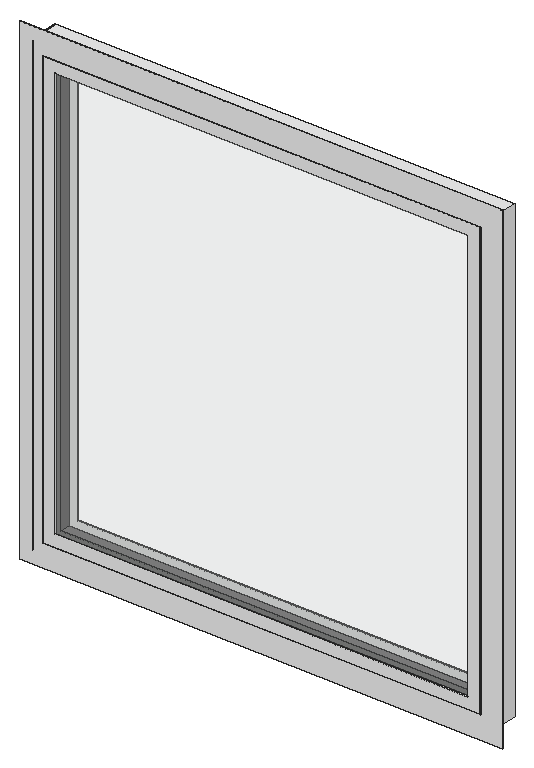
Revit family "Casement_30.5_E_Top_Hung_Standard", category Windows, host Wall, Revit 2014
Parameters (values of type "Casement_Sash_DG")
  Width Sash [instance] = 30 mm
  Width Sash Inner = 15 mm
  Width Bead = 15 mm
  Top Hung [instance] = yes
  Side Hung Right [instance] = yes
  Side Hung Left [instance] = yes
  Sash Opening Width [instance] = 600 mm
  Sash Opening Height [instance] = 600.312 mm
  Sash Lip = 15 mm
  Glazing Material [instance] = Glass
  DG Start Piece 2 [instance] = DG End Piece 1 + DG Gasket Thickness  # 25 mm
  DG Start Peice 1 [instance] = (Depth Sash - (2 * DG Glazing Thickness) - DG Gasket Thickness) / 2  # 6.6 mm
  Glazing Offset = 5 mm
  DG Glazing Thickness [instance] = 6.4 mm
  DG Gasket Thickness = 12 mm  # constant formula
  DG Gasket Material [instance] = Double Glazing Gasket Material
  DG End Piece 2 [instance] = DG Start Piece 2 + DG Glazing Thickness  # 31.4 mm
  DG End Piece 1 [instance] = DG Start Peice 1 + DG Glazing Thickness  # 13 mm
  Depth Sash [instance] = 38 mm
  Center Vertical Sash [instance] = Sash Opening Height / 2  # 300.156 mm
  Center Horizontal Sash [instance] = Sash Opening Width / 2  # 300 mm
  Bottom Hung [instance] = yes
  Bead Offset = 15 mm
  Aluminium Thickness = 1 mm
  Aluminium Material [instance] = White Powder Coated Aluminium
Reference planes
  plane 1 "Center (Front/Back)": y = 0
  plane 2: z = 0
  plane 3 "Center (Left/Right)": x = 0
Forms (mm)
  Sweep 1, solid, material "White Powder Coated Aluminium" <- "Aluminium Material"
    path origin (16.177, 0, 121.331) x (1, 0, 0) y (0, 0, 1)
      loop
        line (0, 0) -> (600, 0) -> (600, 600.312) -> (0, 600.312) -> (0, 0)
    profile origin (316.177, 0, 121.331) x (0, 0, 1) y (0, -1, 0)
      loop
        line (0, 0) -> (30, 0) -> (30, 1) -> (15, 1) -> (15, 38) -> (-15, 38) -> (-15, 37) -> (0, 37) -> (0, 0)
      loop
        line (14, 1) -> (14, 37) -> (1, 37) -> (1, 1) -> (14, 1)
  Sweep 2, solid, material "White Powder Coated Aluminium" <- "Aluminium Material"
    path origin (0, 0, 0) x (1, 0, 0) y (0, 0, 1)
      loop
        line (31.177, 706.643) -> (31.177, 136.331) -> (601.177, 136.331) -> (601.177, 706.643) -> (31.177, 706.643)
    profile origin (316.177, 0, 706.643) x (0, 0, 1) y (0, -1, 0)
      loop
        line (0, 37) -> (0, 38) -> (-15, 38) -> (-15, 37) -> (0, 37)
  Extrusion 3, solid, material "Glass" <- "Glazing Material"
    sketch origin (0, 0, 0) x (1, 0, 0) y (0, 0, 1)
      loop
        line (36.177, 701.643) -> (36.177, 141.331) -> (596.177, 141.331) -> (596.177, 701.643) -> (36.177, 701.643)
    from 6.6 <- "DG Start Peice 1" to 13 <- "DG End Piece 1"
  Extrusion 4, solid, material "Glass" <- "Glazing Material"
    sketch origin (0, 0, 0) x (1, 0, 0) y (0, 0, 1)
      loop
        line (36.177, 701.643) -> (36.177, 141.331) -> (596.177, 141.331) -> (596.177, 701.643) -> (36.177, 701.643)
    from 31.4 <- "DG End Piece 2" to 25 <- "DG Start Piece 2"
  Sweep 5, solid, material "Double Glazing Gasket Material" <- "DG Gasket Material"
    path origin (0, -13, 0) x (1, 0, 0) y (0, 0, 1)
      loop
        line (36.177, 701.643) -> (36.177, 141.331) -> (596.177, 141.331) -> (596.177, 701.643) -> (36.177, 701.643)
    profile origin (316.177, -13, 701.643) x (0, 0, 1) y (0, -1, 0)
      loop
        line (0, 0) -> (0, 12) -> (-7.96, 12) -> (-7.96, 0) -> (0, 0)
Lines and regions (mm)
  model lines
    curve 1: line (1.177, -38, 736.643) -> (31.177, -38, 706.643)
    curve 2: line (601.177, -38, 706.643) -> (631.177, -38, 736.643)
    curve 3: line (601.177, -38, 136.331) -> (631.177, -38, 106.331)
    curve 4: line (1.177, -38, 106.331) -> (31.177, -38, 136.331)
    curve 5: line (631.177, -37, 736.643) -> (616.177, -37, 721.643)
    curve 6: line (1.177, -37, 736.643) -> (16.177, -37, 721.643)
    curve 7: line (1.177, -37, 106.331) -> (16.177, -37, 121.331)
    curve 8: line (631.177, -37, 106.331) -> (616.177, -37, 121.331)
    curve 9: line (616.177, 0, 121.331) -> (586.177, 0, 151.331)
    curve 10: line (46.177, 0, 151.331) -> (16.177, 0, 121.331)
    curve 11: line (616.177, 0, 721.643) -> (586.177, 0, 691.643)
    curve 12: line (46.177, 0, 691.643) -> (16.177, 0, 721.643)
    curve 13: line (31.177, -38, 691.643) -> (46.177, -38, 691.643)
    curve 14: line (586.177, -38, 691.643) -> (601.177, -38, 691.643)
    curve 15: line (586.177, -38, 151.331) -> (601.177, -38, 151.331)
    curve 16: line (31.177, -38, 151.331) -> (46.177, -38, 151.331)
  model lines, style "GenericModelHiddenLines", visible <- "Top Hung"
    curve 17: line (46.386, -31.4, 690.914) -> (316.177, -31.4, 151.331)
    curve 18: line (316.177, -31.4, 151.331) -> (586.177, -31.4, 691.331)
  model lines, style "GenericModelHiddenLines", visible <- "Bottom Hung"
    curve 19: line (46.177, -31.4, 151.331) -> (316.177, -31.4, 691.331)
    curve 20: line (316.177, -31.4, 691.331) -> (586.177, -31.4, 151.331)
  model lines, style "GenericModelHiddenLines", visible <- "Side Hung Left"
    curve 21: line (46.386, -31.4, 690.914) -> (585.24, -31.4, 421.487)
    curve 22: line (585.24, -31.4, 421.487) -> (46.177, -31.4, 151.331)
  model lines, style "GenericModelHiddenLines", visible <- "Side Hung Right"
    curve 23: line (586.177, -31.4, 691.331) -> (46.177, -31.4, 421.487)
    curve 24: line (46.177, -31.4, 421.487) -> (586.177, -31.4, 151.331)
Dimensions and locks
  "Aluminium Thickness": Sweep 1 sketch curve to Sweep 1 sketch curve  (x4)
  "Depth Sash": Sweep 1 sketch curve to Sweep 1 sketch curve
  "Sash Opening Width": Sweep 1 to Sweep 1
  "Sash Opening Height": Sweep 1 to Sweep 1
  "Width Sash": Sweep 1 sketch curve to Sweep 1 sketch curve  (x2)
  "Width Sash Inner": Sweep 1 sketch curve to Sweep 1 sketch curve
  "Sash Lip": Sweep 1 sketch curve to Sweep 1 sketch curve
  "Aluminium Thickness": Sweep 1 to Sweep 2 sketch curve
  "Glazing Offset": Sweep 2 to Extrusion 3 sketch curve  (x3)
  "Glazing Offset": Extrusion 3 sketch curve to Sweep 2
  Sweep 1 to Sweep 1 = 1 mm
  "Aluminium Thickness": Sweep 2 sketch curve to Sweep 2 sketch curve
  "Width Bead": Sweep 2 sketch curve to Sweep 2 sketch curve
  locked: Sweep 5 sketch curve to Sweep 5 sketch curve at 7.96
  "Center Horizontal Sash": Sweep 1 to curve 18
  "Center Horizontal Sash": Sweep 1 to curve 20
  "Center Vertical Sash": Sweep 1 to curve 22
  "Center Vertical Sash": Sweep 1 to curve 24
  aligned and locked: level to plane 2
  aligned and locked: Sweep 1 sketch curve to Sweep 1 sketch curve  (x2)
  aligned and locked: Sweep 2 sketch curve to Sweep 1  (x5)
  aligned and locked: Extrusion 4 sketch curve to Extrusion 3  (x4)
  aligned and locked: Sweep 5 sketch curve to Extrusion 3  (x5)
  aligned and locked: Extrusion 3 to Sweep 5 sketch curve
Automatic sketch dimensions
  plane 3 "Center (Left/Right)" to Sweep 1 sketch curve = 16.177 mm
  level to Sweep 1 sketch curve = 121.331 mm
  plane 3 "Center (Left/Right)" to Sweep 1 sketch curve = 616.177 mm
  level to Sweep 1 sketch curve = 721.643 mm
  profile plane to Sweep 5 sketch curve = 12 mm
  curve 7 to Sweep 1 = 0 mm  (x4)
  curve 6 to Sweep 1 = 0 mm  (x3)
  Sweep 1 to curve 6 = 0 mm
  curve 5 to Sweep 1 = 0 mm  (x3)
  curve 8 to Sweep 1 = 0 mm  (x4)
  Sweep 1 to curve 5 = 0 mm
  curve 16 to Sweep 2 = 0 mm  (x3)
  curve 13 to Sweep 2 = 0 mm  (x3)
  curve 15 to Sweep 2 = 0 mm
  Sweep 2 to curve 15 = 0 mm  (x2)
  curve 14 to Sweep 2 = 0 mm  (x2)
  Sweep 2 to curve 14 = 0 mm
  curve 1 to Sweep 1 = 0 mm  (x4)
  curve 4 to Sweep 1 = 0 mm  (x3)
  Sweep 1 to curve 4 = 0 mm
  curve 3 to Sweep 1 = 0 mm  (x3)
  curve 2 to Sweep 1 = 0 mm  (x4)
  Sweep 1 to curve 3 = 0 mm
  curve 10 to Sweep 1 = 0 mm  (x4)
  curve 12 to Sweep 1 = 0 mm  (x3)
  Sweep 1 to curve 12 = 0 mm
  curve 9 to Sweep 1 = 0 mm  (x4)
  curve 11 to Sweep 1 = 0 mm  (x3)
  Sweep 1 to curve 11 = 0 mm
  Sweep 1 sketch curve to plane 1 "Center (Front/Back)" = 0 mm
  profile plane to Sweep 1 sketch curve = 0 mm
  curve 21 to Extrusion 4 = 10.208 mm
  curve 19 to Extrusion 4 = 10 mm
  curve 23 to Extrusion 4 = 10 mm  (x2)
  curve 22 to Extrusion 4 = 10.937 mm
  curve 20 to Extrusion 4 = 10 mm
  curve 24 to Extrusion 4 = 10 mm
  curve 22 to Extrusion 4 = 10 mm
  curve 18 to Extrusion 4 = 10 mm
  curve 21 to Extrusion 4 = 10.729 mm
  curve 19 to Extrusion 4 = 10.312 mm
  curve 18 to Extrusion 4 = 10.312 mm
Types in the file's own list only (6): name | Windload Design | Width Sash Opening | Width Sash | Width Profile | Width Fixed Pane RHS | Width Fixed Pane Bottom LHS | Width Panel 1 | Width | URL | Offset Window Exterior | Max System DG Unit Thickness | Max System DG One Piece Thickness | Max Pane Area | Limit Fixed Pane Width Min | Limit Fixed Pane Width Max | Limit Fixed Pane Height Min | Limit Fixed Pane Height Max | Intruderprufe U Value | Intruderprufe SHGC Value | Intruderprufe LowE U Value | Intruderprufe LowE SHGC Value | Height | Energy Advantage U Value | Energy Advantage SHGC Value | DG Thickness Calc | DG Thickness | Custom Window Width | Custom Window Height | Window Exterior Offset | Custom Windload | Custom Sash Width | Custom Sash Height | Sash Spacing Inner | Sash Overlap | Sash Center Offset | SG Gasket Thickness | Offset Sash Left | Offset Sash Top | Offset Panel 4 Left | Offset Panel 3 Bead Top | Offset Mullion Left | Offset Transom Top | Offset Bead SG Center Reversed | Model | Manufacturer | Limit Window Width Min | Limit Window Width Max | Limit Window Height Min | Limit Window Height Max | Limit Sash Width Min | Limit Sash Width Max | Limit Sash Height Min | Limit Sash Height Max | Length Transom | Length Mullion | Height Sash Opening | Height Sash | Height Fixed Pane RHS | Height Fixed Pane Bottom LHS | Height Panel 1 | Double Glazing | Description | Depth Mullion | Frame Center Offset | Depth Bead | Default Sill Height | Wall Closure | DG Gasket Finish | DG Extrusion Start | Mullion Depth Windload Based | Clearvue U Value | Clearvue SHGC Value | Casement Dimension | Bottom Hung | Bead SG Gap | Area Pane Right | Area Pane Left Top | Area Pane Left Bottom
  305-1209T-1000Pa | 1000 mm | 554 mm | 524 mm | 30 mm | 560 mm | 540 mm | 540 mm | 1190 mm | "http://www.crealco.co.za/crealco-products.php" | 15 mm | 18 mm | 3 mm | 0.45 m² | 200 mm | 1500 mm | 200 mm | 1800 mm | 7.28 | 0.679 | 5.54 | 0.603 | 890 mm | 5.68 | 0.637 | 3 mm | 3 mm | 1190 mm | 890 mm | 0 mm | 1000 mm | 554 mm | 554 mm | 8 mm | 7 mm | 12 mm | 6 mm | 23 mm | 23 mm | 600 mm | 600 mm | 570 mm | 570 mm | 15 mm | "Casement 30.5" | "Crealco" | 830 mm | 2130 mm | 830 mm | 1860 mm | 300 mm | 1000 mm | 300 mm | 750 mm | 540 mm | 890 mm | 554 mm | 524 mm | 830 mm | 260 mm | 539 mm | No | "Window 30.5mm, Type E top hung" | 32 mm | 15 mm | 17 mm | 800 mm | By host | Double Glazing Gasket Material | 5 mm | 32 mm | 7.45 | 0.711 | 31 mm | No | 13 mm | 0.45 m² | 0.23 m² | 0.13 m²
  305-1509T-1000Pa | 1000 mm | 554 mm | 524 mm | 30 mm | 860 mm | 540 mm | 540 mm | 1490 mm | "http://www.crealco.co.za/crealco-products.php" | 15 mm | 18 mm | 3 mm | 0.70 m² | 200 mm | 1500 mm | 200 mm | 1800 mm | 7.53 | 0.747 | 5.61 | 0.661 | 890 mm | 5.75 | 0.701 | 3 mm | 3 mm | 1490 mm | 890 mm | 0 mm | 1000 mm | 554 mm | 554 mm | 8 mm | 7 mm | 12 mm | 6 mm | 23 mm | 23 mm | 600 mm | 600 mm | 570 mm | 570 mm | 15 mm | "Casement 30.5" | "Crealco" | 830 mm | 2130 mm | 830 mm | 1860 mm | 300 mm | 1000 mm | 300 mm | 750 mm | 540 mm | 890 mm | 554 mm | 524 mm | 830 mm | 260 mm | 539 mm | No | "Window 30.5mm, Type E top hung" | 32 mm | 15 mm | 17 mm | 800 mm | By host | Double Glazing Gasket Material | 5 mm | 32 mm | 7.7 | 0.783 | 31 mm | No | 13 mm | 0.70 m² | 0.23 m² | 0.13 m²
  305-1209T-1500Pa | 1500 mm | 554 mm | 524 mm | 30 mm | 560 mm | 540 mm | 540 mm | 1190 mm | "http://www.crealco.co.za/crealco-products.php" | 15 mm | 18 mm | 3 mm | 0.45 m² | 200 mm | 1500 mm | 200 mm | 1800 mm | 7.28 | 0.679 | 5.54 | 0.603 | 890 mm | 5.68 | 0.637 | 3 mm | 3 mm | 1190 mm | 890 mm | 0 mm | 1500 mm | 554 mm | 554 mm | 8 mm | 7 mm | 12 mm | 6 mm | 23 mm | 23 mm | 600 mm | 600 mm | 570 mm | 570 mm | 15 mm | "Casement 30.5" | "Crealco" | 830 mm | 2130 mm | 830 mm | 1860 mm | 300 mm | 1000 mm | 300 mm | 750 mm | 540 mm | 890 mm | 554 mm | 524 mm | 830 mm | 260 mm | 539 mm | No | "Window 30.5mm, Type E top hung" | 32 mm | 15 mm | 17 mm | 800 mm | By host | Double Glazing Gasket Material | 5 mm | 32 mm | 7.45 | 0.711 | 31 mm | No | 13 mm | 0.45 m² | 0.23 m² | 0.13 m²
  305-1209T-2000Pa | 2000 mm | 554 mm | 524 mm | 30 mm | 560 mm | 540 mm | 540 mm | 1190 mm | "http://www.crealco.co.za/crealco-products.php" | 15 mm | 18 mm | 3 mm | 0.45 m² | 200 mm | 1500 mm | 200 mm | 1800 mm | 7.28 | 0.679 | 5.54 | 0.603 | 890 mm | 5.68 | 0.637 | 3 mm | 3 mm | 1190 mm | 890 mm | 0 mm | 2000 mm | 554 mm | 554 mm | 8 mm | 7 mm | 12 mm | 6 mm | 23 mm | 23 mm | 600 mm | 600 mm | 570 mm | 570 mm | 15 mm | "Casement 30.5" | "Crealco" | 830 mm | 2130 mm | 830 mm | 1860 mm | 300 mm | 1000 mm | 300 mm | 750 mm | 540 mm | 890 mm | 554 mm | 524 mm | 830 mm | 260 mm | 539 mm | No | "Window 30.5mm, Type E top hung" | 32 mm | 15 mm | 17 mm | 800 mm | By host | Double Glazing Gasket Material | 5 mm | 32 mm | 7.45 | 0.711 | 31 mm | No | 13 mm | 0.45 m² | 0.23 m² | 0.13 m²
  305-1509T-1500Pa | 1500 mm | 554 mm | 524 mm | 30 mm | 860 mm | 540 mm | 540 mm | 1490 mm | "http://www.crealco.co.za/crealco-products.php" | 15 mm | 18 mm | 3 mm | 0.70 m² | 200 mm | 1500 mm | 200 mm | 1800 mm | 7.53 | 0.747 | 5.61 | 0.661 | 890 mm | 5.75 | 0.701 | 3 mm | 3 mm | 1490 mm | 890 mm | 0 mm | 1500 mm | 554 mm | 554 mm | 8 mm | 7 mm | 12 mm | 6 mm | 23 mm | 23 mm | 600 mm | 600 mm | 570 mm | 570 mm | 15 mm | "Casement 30.5" | "Crealco" | 830 mm | 2130 mm | 830 mm | 1860 mm | 300 mm | 1000 mm | 300 mm | 750 mm | 540 mm | 890 mm | 554 mm | 524 mm | 830 mm | 260 mm | 539 mm | No | "Window 30.5mm, Type E top hung" | 32 mm | 15 mm | 17 mm | 800 mm | By host | Double Glazing Gasket Material | 5 mm | 32 mm | 7.7 | 0.783 | 31 mm | No | 13 mm | 0.70 m² | 0.23 m² | 0.13 m²
  305-1509T-2000Pa | 2000 mm | 554 mm | 524 mm | 30 mm | 860 mm | 540 mm | 540 mm | 1490 mm | "http://www.crealco.co.za/crealco-products.php" | 15 mm | 18 mm | 3 mm | 0.70 m² | 200 mm | 1500 mm | 200 mm | 1800 mm | 7.53 | 0.747 | 5.61 | 0.661 | 890 mm | 5.75 | 0.701 | 3 mm | 3 mm | 1490 mm | 890 mm | 0 mm | 2000 mm | 554 mm | 554 mm | 8 mm | 7 mm | 12 mm | 6 mm | 23 mm | 23 mm | 600 mm | 600 mm | 570 mm | 570 mm | 15 mm | "Casement 30.5" | "Crealco" | 830 mm | 2130 mm | 830 mm | 1860 mm | 300 mm | 1000 mm | 300 mm | 750 mm | 540 mm | 890 mm | 554 mm | 524 mm | 830 mm | 260 mm | 539 mm | No | "Window 30.5mm, Type E top hung" | 32 mm | 15 mm | 17 mm | 800 mm | By host | Double Glazing Gasket Material | 5 mm | 32 mm | 7.7 | 0.783 | 31 mm | No | 13 mm | 0.70 m² | 0.23 m² | 0.13 m²
